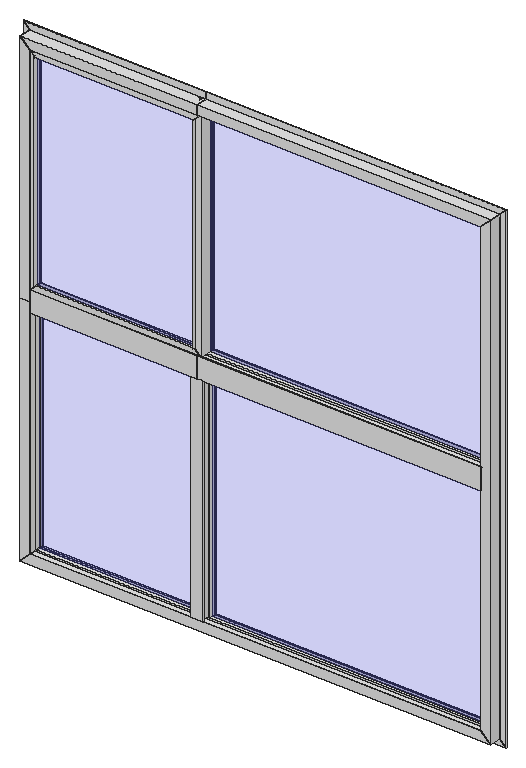
Revit family "531_OXAT_stucco-key", category Windows, host Wall, Revit 2016
Family settings
  Host = Wall
  OmniClass Number = 23.30.20.00
  OmniClass Title = Windows
  Always vertical = Yes
  Cut with Voids When Loaded = No
  Shared = No
  Room Calculation Point = No
Parameters (values of type "96x96Max")
  XW [instance] = 36"
  Vbs = 60"
  MLW2 = 1 / 8 * (Height - HBS)  # 6"
  MLW1 = 1 / 8 * Vbs  # 7 1/2"
  Interior Color [instance] = White
  Height = 96"
  HBS = 48"
  Exterior Color [instance] = White
  Default Sill Height = 31.49606"
  Wall Closure = By host
  Width = 96"
Reference planes (in)
  plane 1 "Center (Front/Back)": y = 0
  plane 2 "Center (Left/Right)": x = 0
  plane 3 "Left": x = -48
  plane 4 "Right": x = 48
  plane 5 "Sill": z = 31.49606
  plane 6 "Head": z = 127.49606
  plane 7 "Exterior": y = 3.93701
  plane 8 "Interior": y = -3.93701
  plane 9 "Front of wall": y = 3.93701
  plane 10 "Hbs": z = 79.49606
  plane 11 "Vbs": x = -12
  plane 12: z = 32.89506
  plane 13: z = 77.88606
  plane 14: z = 126.09606
  plane 15: z = 82.26906
  plane 16: x = -46.60043
  plane 17: x = 45.4786
  plane 18: x = -11.2499
  plane 19: x = 46.6001
  plane 20: x = -12.7501
  plane 21: z = 81.10506
  plane 22: x = -45.4786
  plane 23: x = -11.63193
  plane 24: x = -12.13096
  plane 25: z = 124.97106
  plane 26: x = -11.22369
  plane 27 "Front of glass": y = 4.55851
Forms (in)
  Extrusion 1, solid, material "White" <- "Interior Color"
    sketch origin (-12, 0, 0) x (0, 0, 1) y (0, -1, 0)
      loop
        line (33.39606, -1.50201) -> (31.49606, -1.50201) -> (31.49606, -3.93701) -> (30.24606, -3.93701) -> (30.24606, -4.00201) -> (31.49606, -4.00201) -> (31.49606, -4.93701) -> (31.29606, -4.93701) -> (31.29606, -5.00201) -> (32.77106, -5.00201) -> (32.77106, -4.96191) -> (33.33406, -4.96191) -> (33.33406, -4.59801) -> (33.35932, -4.55851) -> (32.89506, -4.55851) -> (32.89506, -3.81451) -> (33.39606, -3.81451) -> (33.39606, -3.20201) -> (33.05106, -3.20201) -> (33.05106, -1.70201) -> (33.39606, -1.70201) -> (33.39606, -1.50201)
    from 61.25 to -37.25
  Extrusion 2, solid, material "White" <- "Interior Color"
    sketch origin (0, 0, 31.49606) x (0, -1, 0) y (1, 0, 0)
      loop
        line (-1.50201, -48) -> (-1.50201, -46.1) -> (-1.70201, -46.1) -> (-1.70201, -46.445) -> (-3.20201, -46.445) -> (-3.20201, -46.1001) -> (-3.81451, -46.1001) -> (-3.81451, -46.60043) -> (-4.55851, -46.60043) -> (-4.55851, -46.13685) -> (-4.59801, -46.1621) -> (-4.96191, -46.1621) -> (-4.96191, -46.725) -> (-5.00201, -46.725) -> (-5.00201, -48.2) -> (-4.93701, -48.2) -> (-4.93701, -48) -> (-4.00201, -48) -> (-4.00201, -49.25) -> (-3.93701, -49.25) -> (-3.93701, -48) -> (-1.50201, -48)
    from -1.25 to 48
  Extrusion 3, solid, material "White" <- "Interior Color"
    sketch origin (0, 0, 31.49606) x (0, -1, 0) y (1, 0, 0)
      loop
        line (-1.50201, -13.2501) -> (-1.50201, -10.7499) -> (-1.70201, -10.7499) -> (-1.70201, -11.0949) -> (-3.20201, -11.0949) -> (-3.20201, -10.7499) -> (-3.81451, -10.7499) -> (-3.81451, -11.2499) -> (-4.55851, -11.2499) -> (-4.55851, -10.78664) -> (-4.59801, -10.8119) -> (-4.96191, -10.8119) -> (-4.96191, -11.3749) -> (-5.00201, -11.3749) -> (-5.00201, -12.6251) -> (-4.96191, -12.6251) -> (-4.96191, -13.1881) -> (-4.59523, -13.1881) -> (-4.55851, -13.21336) -> (-4.55851, -12.7501) -> (-3.81451, -12.7501) -> (-3.81451, -13.2501) -> (-3.20201, -13.2501) -> (-3.20201, -12.905) -> (-1.70201, -12.905) -> (-1.70201, -13.2501) -> (-1.50201, -13.2501)
    from 0 to 48
  Extrusion 4, solid, material "White" <- "Interior Color"
    sketch origin (0, 0, 31.49606) x (0, -1, 0) y (1, 0, 0)
      loop
        line (-1.50201, 46.1) -> (-1.50201, 48) -> (-3.93701, 48) -> (-3.93701, 49.25) -> (-4.00201, 49.25) -> (-4.00201, 48) -> (-4.93701, 48) -> (-4.93701, 48.2) -> (-5.00201, 48.2) -> (-5.00201, 46.725) -> (-4.96191, 46.725) -> (-4.96191, 46.1621) -> (-4.59801, 46.1621) -> (-4.55851, 46.13685) -> (-4.55851, 46.6001) -> (-3.81451, 46.6001) -> (-3.81451, 46.1001) -> (-3.20201, 46.1001) -> (-3.20201, 46.4451) -> (-1.70201, 46.4451) -> (-1.70201, 46.1) -> (-1.50201, 46.1)
    from -1.25 to 97.25
  Sweep 5, void
    path in 3D
      loop
        line (46.28475, 7.75614, 79.49606) -> (46.28475, 3.93701, 79.49606)
    profile origin (46.28475, 5.84657, 79.49606) x (1, 0, 0) y (0, 0, 1)
      loop
        line (0.44025, 1.485) -> (-1.85785, 3.7831) -> (-1.85785, -3.7831) -> (0.44025, -1.485) -> (0.44025, 1.485)
  Sweep 6, void
    path in 3D
      loop
        line (-13.44422, 7.52813, 79.49606) -> (-13.44422, 3.93701, 79.49606)
    profile origin (-13.44422, 5.73257, 79.49606) x (1, 0, 0) y (0, 0, 1)
      loop
        line (-0.28951, 3.00021) -> (-0.28951, -2.59362) -> (0.81911, -1.485) -> (1.44422, -1.485) -> (1.44422, 1.485) -> (1.2257, 1.485) -> (-0.28951, 3.00021)
  Sweep 7, void
    path in 3D
      loop
        line (-45.28676, 7.49986, 79.49606) -> (-45.28676, 3.93701, 79.49606)
    profile origin (-45.28676, 5.71843, 79.49606) x (1, 0, 0) y (0, 0, 1)
      loop
        line (-1.43824, 1.485) -> (-1.43824, -1.485) -> (-0.50238, -2.42087) -> (-0.50238, 2.42087) -> (-0.81324, 2.11) -> (-0.81324, 1.485) -> (-1.43824, 1.485)
  Sweep 8, void
    path in 3D
      loop
        line (-44.88253, 7.34396, 31.49606) -> (-44.88253, 3.93701, 31.49606)
    profile origin (-44.88253, 5.64048, 31.49606) x (1, 0, 0) y (0, 0, 1)
      loop
        line (-4.91208, -1.7946) -> (-0.30161, -1.7946) -> (-0.30161, 2.81586) -> (-4.91208, -1.7946)
  Sweep 9, void
    path in 3D
      loop
        line (-44.88253, 7.34396, 31.49606) -> (-44.88253, 3.93701, 31.49606)
    profile origin (-44.88253, 5.64048, 31.49606) x (1, 0, 0) y (0, 0, 1)
      loop
        line (-4.90516, -1.78769) -> (-0.65516, 2.46231) -> (-4.90516, 2.46231) -> (-4.90516, -1.78769)
  Sweep 10, void
    path in 3D
      loop
        line (-10.8119, 7.52813, 31.49606) -> (-10.8119, 3.93701, 31.49606)
    profile origin (-10.8119, 5.73257, 31.49606) x (1, 0, 0) y (0, 0, 1)
      loop
        line (-2.5775, 2.03929) -> (-1.81321, 1.275) -> (-0.563, 1.275) -> (0.20129, 2.03929) -> (-2.5775, 2.03929)
  Sweep 11, void
    path in 3D
      loop
        line (-10.8119, 7.52813, 31.49606) -> (-10.8119, 3.93701, 31.49606)
    profile origin (-10.8119, 5.73257, 31.49606) x (1, 0, 0) y (0, 0, 1)
      loop
        line (-2.79385, 2.25565) -> (-2.79385, -0.51924) -> (0.30068, -0.51924) -> (0.30068, 2.13868) -> (-0.563, 1.275) -> (-1.81321, 1.275) -> (-2.79385, 2.25565)
  Sweep 12, void
    path in 3D
      loop
        line (46.89277, 7.75614, 31.49606) -> (46.89277, 3.93701, 31.49606)
    profile origin (46.89277, 5.84657, 31.49606) x (1, 0, 0) y (0, 0, 1)
      loop
        line (3.12078, -2.01356) -> (-1.53186, 2.63909) -> (-1.53186, -2.01356) -> (3.12078, -2.01356)
  Sweep 13, void
    path in 3D
      loop
        line (46.89277, 7.75614, 31.49606) -> (46.89277, 3.93701, 31.49606)
    profile origin (46.89277, 5.84657, 31.49606) x (1, 0, 0) y (0, 0, 1)
      loop
        line (2.75588, -1.64865) -> (2.75588, 2.35135) -> (-1.24412, 2.35135) -> (2.75588, -1.64865)
  Extrusion 14, void
    sketch origin (0, 3.93701, 0) x (1, 0, 0) y (0, 0, 1)
      loop
        line (-49.78769, 29.70837) -> (-45.34835, 34.14771) -> (-49.78769, 34.14771) -> (-49.78769, 29.70837)
    from 0 to 12
  Extrusion 15, void
    sketch origin (0, 3.93701, 0) x (1, 0, 0) y (0, 0, 1)
      loop
        line (-51.25, 28.24606) -> (-44.88253, 28.24606) -> (-44.88253, 34.61354) -> (-51.25, 28.24606)
    from 0 to 12
  Extrusion 16, void
    sketch origin (0, 3.93701, 0) x (1, 0, 0) y (0, 0, 1)
      loop
        line (-14.5639, 33.39606) -> (-14.5639, 30.39606) -> (-9.3139, 30.39606) -> (-9.3139, 33.39606) -> (-14.5639, 33.39606)
    from 0 to 12
  Extrusion 17, void
    sketch origin (0, 3.93701, 0) x (1, 0, 0) y (0, 0, 1)
      loop
        line (44.81231, 34.68375) -> (44.81231, 29.68375) -> (49.81231, 29.68375) -> (44.81231, 34.68375)
    from 0 to 12
  Extrusion 18, void
    sketch origin (0, 3.93701, 0) x (1, 0, 0) y (0, 0, 1)
      loop
        line (45.20876, 34.28731) -> (49.45876, 30.03731) -> (49.45876, 34.28731) -> (45.20876, 34.28731)
    from 0 to 12
  Extrusion 19, void
    sketch origin (0, 3.93701, 0) x (1, 0, 0) y (0, 0, 1)
      loop
        line (-11.34348, 82.76906) -> (-13.62514, 80.86244) -> (-13.62514, 77.38606) -> (-9.13523, 77.38606) -> (-9.13523, 82.76906) -> (-11.34348, 82.76906)
    from 0 to 12
  Sweep 20, void
    path in 3D
      loop
        line (-13.44422, 7.52813, 79.49606) -> (-13.44422, 3.93701, 79.49606)
    profile origin (-13.44422, 5.73257, 79.49606) x (1, 0, 0) y (0, 0, 1)
      loop
        line (2.06932, -1.485) -> (3.18366, -2.59934) -> (3.18366, 0.15066) -> (1.25274, 0.15066) -> (1.25274, -1.485) -> (2.06932, -1.485)
  Extrusion 21, void
    sketch origin (0, 3.93701, 0) x (1, 0, 0) y (0, 0, 1)
      loop
        line (44.58479, 83.16187) -> (44.58479, 77.38606) -> (46.1, 77.38606) -> (46.1, 81.60606) -> (46.1406, 81.60606) -> (44.58479, 83.16187)
    from 0 to 12
  Extrusion 22, solid, material "Glass"
    sketch origin (-12, 0, 0) x (0, 0, 1) y (0, -1, 0)
      loop
        line (77.88606, -4.55851) -> (77.88606, -3.81451) -> (32.89506, -3.81451) -> (32.89506, -4.55851) -> (77.88606, -4.55851)
    from -0.7501 to -34.60043
  Extrusion 23, solid, material "Glass"
    sketch origin (-12, 0, 0) x (0, 0, 1) y (0, -1, 0)
      loop
        line (77.88606, -4.55851) -> (77.88606, -3.81451) -> (32.89506, -3.81451) -> (32.89506, -4.55851) -> (77.88606, -4.55851)
    from 0.7501 to 58.6001
  Extrusion 24, solid, material "White" <- "Interior Color"
    sketch origin (6, 0, 0) x (0, 0, 1) y (0, 1, 0)
      loop
        line (81.60606, 1.50201) -> (81.60606, 1.70201) -> (81.23106, 1.70201) -> (81.23106, 3.20201) -> (81.60606, 3.20201) -> (81.60606, 3.81451) -> (81.10506, 3.81451) -> (81.10506, 4.55851) -> (81.56932, 4.55851) -> (81.54406, 4.59801) -> (81.54406, 4.96191) -> (80.98106, 4.96191) -> (80.98106, 5.00201) -> (78.01106, 5.00201) -> (78.01106, 4.96191) -> (77.44806, 4.96191) -> (77.44806, 4.59801) -> (77.42281, 4.55851) -> (77.88606, 4.55851) -> (77.88606, 3.81451) -> (77.38606, 3.81451) -> (77.38606, 3.20201) -> (77.73675, 3.20201) -> (77.73675, 1.70201) -> (77.38606, 1.70201) -> (77.38606, 1.50201) -> (81.60606, 1.50201)
    from 18 to -42
  Extrusion 25, solid, material "White" <- "Interior Color"
    sketch origin (6, 0, 0) x (0, 0, 1) y (0, 1, 0)
      loop
        line (81.60606, 1.50201) -> (81.60606, 1.70201) -> (82.76906, 1.70201) -> (82.76906, 1.94451) -> (82.26906, 1.94451) -> (82.26906, 2.68851) -> (82.73232, 2.68851) -> (82.70706, 2.72801) -> (82.70706, 3.10201) -> (81.60606, 3.10201) -> (81.60606, 3.75201) -> (80.98106, 3.75201) -> (80.98106, 5.00201) -> (78.01106, 5.00201) -> (78.01106, 4.96191) -> (77.44806, 4.96191) -> (77.44806, 4.59801) -> (77.42281, 4.55851) -> (77.88606, 4.55851) -> (77.88606, 3.81451) -> (77.38606, 3.81451) -> (77.38606, 3.20201) -> (77.73115, 3.20201) -> (77.73115, 1.70201) -> (77.38606, 1.70201) -> (77.38606, 1.50201) -> (81.60606, 1.50201)
    from 17.22369 to 54
  Extrusion 26, solid, material "White" <- "Interior Color"
    sketch origin (12, 0, 61.49606) x (1, 0, 0) y (0, 1, 0)
      loop
        line (-23.13096, 1.70204) -> (-23.13096, 3.81454) -> (-23.63193, 3.81454) -> (-23.63193, 4.55854) -> (-23.16767, 4.55854) -> (-23.19293, 4.59804) -> (-23.19293, 4.96193) -> (-23.71818, 4.96193) -> (-23.75596, 4.97206) -> (-24.75596, 4.97206) -> (-24.75596, 4.35201) -> (-25.17092, 4.35201) -> (-25.17092, 4.25198) -> (-24.75592, 4.25198) -> (-24.75592, 3.75199) -> (-25.17089, 3.75199) -> (-25.17089, 3.65199) -> (-24.75588, 3.65199) -> (-24.75588, 3.20201) -> (-24.56896, 3.20201) -> (-24.56896, 2.72804) -> (-24.59422, 2.68854) -> (-24.13096, 2.68854) -> (-24.13096, 1.94454) -> (-24.63096, 1.94454) -> (-24.63096, 1.25659) -> (-24.56096, 1.32659) -> (-24.56096, 1.70204) -> (-23.13096, 1.70204)
    from 18 to 66
  Extrusion 27, solid, material "White" <- "Interior Color"
    sketch origin (-12, 0, 79.49606) x (-1, 0, 0) y (0, -1, 0)
      loop
        line (36, -1.50201) -> (34.1, -1.50201) -> (34.1, -1.70201) -> (33.0476, -1.70201) -> (33.0476, -1.32656) -> (32.9776, -1.26451) -> (32.9776, -1.94451) -> (33.4786, -1.94451) -> (33.4786, -2.68851) -> (33.01435, -2.68851) -> (33.0396, -2.72801) -> (33.0396, -3.10201) -> (34.1, -3.10201) -> (34.1, -3.75201) -> (34.85, -3.75201) -> (34.85, -4.25201) -> (34.72562, -4.25201) -> (34.72562, -5.00201) -> (36.2, -5.00201) -> (36.2, -4.93701) -> (36, -4.93701) -> (36, -4.00201) -> (37.25, -4.00201) -> (37.25, -3.93701) -> (36, -3.93701) -> (36, -1.50201)
    from 0 to 49.25
  Extrusion 28, solid, material "Glass"
    sketch origin (6, 0, 0) x (0, 0, 1) y (0, 1, 0)
      loop
        line (81.10506, 4.55851) -> (81.10506, 3.81451) -> (126.09606, 3.81451) -> (126.09606, 4.55851) -> (81.10506, 4.55851)
    from 17.63193 to -40.6001
  Extrusion 29, solid, material "White" <- "Interior Color"
    sketch origin (6, 0, 0) x (0, 0, 1) y (0, 1, 0)
      loop
        line (127.49606, 1.50201) -> (127.49606, 3.93701) -> (128.74606, 3.93701) -> (128.74606, 4.00201) -> (127.49606, 4.00201) -> (127.49606, 4.93701) -> (127.69606, 4.93701) -> (127.69606, 5.00201) -> (126.22106, 5.00201) -> (126.22106, 4.96191) -> (125.65806, 4.96191) -> (125.65806, 4.59801) -> (125.63281, 4.55851) -> (126.09606, 4.55851) -> (126.09606, 3.81451) -> (125.59606, 3.81451) -> (125.59606, 3.20201) -> (126.47106, 3.20201) -> (126.47106, 1.70201) -> (125.59606, 1.70201) -> (125.59606, 1.50201) -> (127.49606, 1.50201)
    from 18 to -43.25
  Extrusion 30, solid, material "White" <- "Interior Color"
    sketch origin (6, 0, 0) x (0, 0, 1) y (0, 1, 0)
      loop
        line (125.59606, 1.50201) -> (127.49606, 1.50201) -> (127.49606, 3.93701) -> (128.74606, 3.93701) -> (128.74606, 4.00201) -> (127.49606, 4.00201) -> (127.49606, 4.93701) -> (127.69606, 4.93701) -> (127.69606, 5.00201) -> (126.22106, 5.00201) -> (126.22106, 3.75201) -> (125.59606, 3.75201) -> (125.59606, 3.10201) -> (124.53306, 3.10201) -> (124.53306, 2.72801) -> (124.50781, 2.68851) -> (124.97106, 2.68851) -> (124.97106, 1.94451) -> (124.47106, 1.94451) -> (124.47106, 1.70201) -> (125.59606, 1.70201) -> (125.59606, 1.50201)
    from 17.22369 to 55.25
  Sweep 31, void
    path in 3D
      loop
        line (-13.44422, 7.52813, 79.49606) -> (-13.44422, 3.93701, 79.49606)
    profile origin (-13.44422, 5.73257, 79.49606) x (1, 0, 0) y (0, 0, 1)
      loop
        line (2.43829, 2.235) -> (1.68829, 1.485) -> (2.43829, 1.485) -> (2.43829, 2.235)
  Extrusion 32, void
    sketch origin (0, 3.93701, 0) x (1, 0, 0) y (0, 0, 1)
      loop
        line (-12.63096, 82.76906) -> (-12.63096, 78.85606) -> (-10.21796, 78.85606) -> (-10.21796, 81.60606) -> (-11.46796, 81.60606) -> (-12.63096, 82.76906)
    from 0 to 12
  Extrusion 33, void
    sketch origin (0, 3.93701, 0) x (1, 0, 0) y (0, 0, 1)
      loop
        line (-12.63096, 124.47106) -> (-11.50596, 125.59606) -> (-10.85527, 125.59606) -> (-10.85527, 127.84606) -> (-12.63096, 127.84606) -> (-12.63096, 124.47106)
    from 0 to 12
  Sweep 34, void
    path in 3D
      loop
        line (-13.44422, 7.52813, 79.49606) -> (-13.44422, 3.93701, 79.49606)
    profile origin (-13.44422, 5.73257, 79.49606) x (1, 0, 0) y (0, 0, 1)
      loop
        line (-0.05589, -2.36) -> (2.94432, -2.36) -> (2.06932, -1.485) -> (0.81911, -1.485) -> (-0.05589, -2.36)
  Sweep 35, void
    path in 3D
      loop
        line (-13.44422, 7.52813, 79.49606) -> (-13.44422, 3.93701, 79.49606)
    profile origin (-13.44422, 5.73257, 79.49606) x (1, 0, 0) y (0, 0, 1)
      loop
        line (3.12257, -2.53825) -> (3.12257, 2.91931) -> (1.68825, 1.485) -> (1.44422, 1.485) -> (1.44422, -1.485) -> (2.06932, -1.485) -> (3.12257, -2.53825)
  Sweep 36, void
    path in 3D
      loop
        line (-13.44422, 7.52813, 79.49606) -> (-13.44422, 3.93701, 79.49606)
    profile origin (-13.44422, 5.73257, 79.49606) x (1, 0, 0) y (0, 0, 1)
      loop
        line (1.68825, 1.485) -> (2.46231, 2.25905) -> (1.28039, 2.25905) -> (1.28039, 1.485) -> (1.68825, 1.485)
  Sweep 37, void
    path in 3D
      loop
        line (-13.72484, 7.65285, 127.49606) -> (-13.72484, 3.93701, 127.49606)
    profile origin (-13.72484, 5.79493, 127.49606) x (1, 0, 0) y (0, 0, 1)
      loop
        line (2.75058, -2.05675) -> (2.75058, 1.475) -> (1.72484, 1.475) -> (1.72484, -1.275) -> (1.96884, -1.275) -> (2.75058, -2.05675)
  Sweep 38, void
    path in 3D
      loop
        line (-13.72484, 7.65285, 127.49606) -> (-13.72484, 3.93701, 127.49606)
    profile origin (-13.72484, 5.79493, 127.49606) x (1, 0, 0) y (0, 0, 1)
      loop
        line (2.89355, -2.19971) -> (1.96884, -1.275) -> (1.56313, -1.275) -> (1.56313, -2.19971) -> (2.89355, -2.19971)
  Sweep 39, void
    path in 3D
      loop
        line (45.98854, 7.86527, 127.49606) -> (45.98854, 3.93701, 127.49606)
    profile origin (45.98854, 5.90114, 127.49606) x (1, 0, 0) y (0, 0, 1)
      loop
        line (-0.58806, -2.59962) -> (3.73731, -2.59962) -> (3.73731, 1.72575) -> (-0.58806, -2.59962)
  Sweep 40, void
    path in 3D
      loop
        line (45.98854, 7.86527, 127.49606) -> (45.98854, 3.93701, 127.49606)
    profile origin (45.98854, 5.90114, 127.49606) x (1, 0, 0) y (0, 0, 1)
      loop
        line (3.62248, 1.61091) -> (-0.62752, 1.61091) -> (-0.62752, -2.63909) -> (3.62248, 1.61091)
  Sweep 41, void
    path in 3D
      loop
        line (46.28475, 7.75614, 79.49606) -> (46.28475, 3.93701, 79.49606)
    profile origin (46.28475, 5.84657, 79.49606) x (1, 0, 0) y (0, 0, 1)
      loop
        line (-0.38255, 2.30789) -> (0.44025, 1.4851) -> (0.44025, -1.485) -> (-0.26686, -2.19211) -> (3.48314, -2.19211) -> (3.48314, 2.30789) -> (-0.38255, 2.30789)
  Sweep 42, void
    path in 3D
      loop
        line (-45.78676, 7.49986, 127.49606) -> (-45.78676, 3.93701, 127.49606)
    profile origin (-45.78676, 5.71843, 127.49606) x (1, 0, 0) y (0, 0, 1)
      loop
        line (-3.83672, 1.62348) -> (1.66328, -3.87652) -> (1.66328, 1.62348) -> (-3.83672, 1.62348)
  Sweep 43, void
    path in 3D
      loop
        line (-45.78676, 7.49986, 127.49606) -> (-45.78676, 3.93701, 127.49606)
    profile origin (-45.78676, 5.71843, 127.49606) x (1, 0, 0) y (0, 0, 1)
      loop
        line (-3.9247, 1.71146) -> (-3.9247, -3.78854) -> (1.5753, -3.78854) -> (-3.9247, 1.71146)
  Sweep 44, void
    path in 3D
      loop
        line (-45.28676, 7.49986, 79.49606) -> (-45.28676, 3.93701, 79.49606)
    profile origin (-45.28676, 5.71843, 79.49606) x (1, 0, 0) y (0, 0, 1)
      loop
        line (-0.69745, -2.22579) -> (-1.43824, -1.485) -> (-1.43824, 1.485) -> (-0.81324, 1.485) -> (-0.81324, 2.11) -> (0.60097, 3.52421) -> (-4.49626, 3.52421) -> (-4.49626, -2.22579) -> (-0.69745, -2.22579)
  Extrusion 45, void
    sketch origin (0, 3.93701, 0) x (1, 0, 0) y (0, 0, 1)
      loop
        line (-50.49016, 129.98622) -> (-50.49016, 122.72309) -> (-43.22703, 122.72309) -> (-50.49016, 129.98622)
    from 0 to 12
  Extrusion 46, void
    sketch origin (0, 3.93701, 0) x (1, 0, 0) y (0, 0, 1)
      loop
        line (-49.30025, 128.79632) -> (-43.05025, 122.54632) -> (-43.05025, 128.79632) -> (-49.30025, 128.79632)
    from 0 to 12
  Extrusion 47, void
    sketch origin (0, 3.93701, 0) x (1, 0, 0) y (0, 0, 1)
      loop
        line (49.96447, 129.46053) -> (44.64124, 124.13731) -> (49.96447, 124.13731) -> (49.96447, 129.46053)
    from 0 to 12
  Extrusion 48, void
    sketch origin (0, 3.93701, 0) x (1, 0, 0) y (0, 0, 1)
      loop
        line (49.89135, 129.38731) -> (44.46447, 129.38731) -> (44.46447, 123.96043) -> (49.89135, 129.38731)
    from 0 to 12
  Extrusion 49, void
    sketch origin (0, 3.93701, 0) x (1, 0, 0) y (0, 0, 1)
      loop
        line (46.1, 84.0958) -> (46.1, 75.5958) -> (49.35, 75.5958) -> (49.35, 84.0958) -> (46.1, 84.0958)
    from 0 to 12
  Extrusion 50, void
    sketch origin (0, 3.93701, 0) x (1, 0, 0) y (0, 0, 1)
      loop
        line (-46.1, 81.60606) -> (-46.1, 78.94196) -> (-44.68579, 78.94196) -> (-44.68579, 83.02028) -> (-46.1, 81.60606)
    from 0 to 12
  Extrusion 51, void
    sketch origin (0, 3.93701, 0) x (1, 0, 0) y (0, 0, 1)
      loop
        line (-46.1, 81.60606) -> (-44.6, 83.10606) -> (-49.1, 83.10606) -> (-49.1, 77.10606) -> (-46.1, 77.10606) -> (-46.1, 81.60606)
    from 0 to 12
  Extrusion 52, solid, material "Glass"
    sketch origin (-12, 0, 0) x (0, 0, 1) y (0, -1, 0)
      loop
        line (124.97106, -2.68851) -> (124.97106, -1.94454) -> (82.26906, -1.94454) -> (82.26906, -2.68851) -> (124.97106, -2.68851)
    from -0.13096 to -33.4786
  Extrusion 53, void
    sketch origin (0, 3.93701, 0) x (1, 0, 0) y (0, 0, 1)
      loop
        line (-12.63096, 82.76906) -> (-11.46796, 81.60606) -> (-12, 81.60606) -> (-12, 77.38606) -> (-11.22369, 77.38606) -> (-11.22369, 82.76906) -> (-12.63096, 82.76906)
    from 0 to 12
  Extrusion 54, void
    sketch origin (0, 3.93701, 0) x (1, 0, 0) y (0, 0, 1)
      loop
        line (-12.63096, 124.47106) -> (-11.22369, 124.47106) -> (-11.22369, 127.49606) -> (-12, 127.49606) -> (-12, 125.59606) -> (-11.50596, 125.59606) -> (-12.63096, 124.47106)
    from 0 to 12
Cuts and joins
  Sweep 5, Sweep 12, Extrusion 17, Extrusion 21, Sweep 40, Extrusion 48 cuts Extrusion 4
  Sweep 6, Sweep 11, Extrusion 16, Extrusion 19, Sweep 20, Sweep 35, Extrusion 53 cuts Extrusion 3
  Sweep 7, Sweep 8, Extrusion 15, Extrusion 50 cuts Extrusion 2
  Sweep 9, Sweep 10, Sweep 13, Extrusion 14, Extrusion 18 cuts Extrusion 1
  Sweep 31, Extrusion 32, Extrusion 33, Sweep 35, Sweep 37 cuts Extrusion 26
  Sweep 34, Sweep 35, Sweep 36, Sweep 44, Extrusion 51, Extrusion 53 cuts Extrusion 25
  Extrusion 32, Extrusion 33, Extrusion 49, Extrusion 53, Extrusion 54 cuts Extrusion 28
  Sweep 37, Sweep 38, Sweep 43, Extrusion 45, Extrusion 54 cuts Extrusion 30
  Sweep 34, Sweep 36, Sweep 41, Extrusion 49 cuts Extrusion 24
  Sweep 38, Sweep 39, Extrusion 47 cuts Extrusion 29
  Sweep 7, Sweep 42, Extrusion 46, Extrusion 50 cuts Extrusion 27
  Extrusion 49, Extrusion 53 cuts Extrusion 23
  Extrusion 51 cuts Extrusion 22
  Extrusion 53, Extrusion 54 cuts Extrusion 52
Lines and regions (in)
  Opening 1
    outline origin (137.79528, -3.93701, 0) x (1, 0, 0) y (0, 0, 1)
      loop
        line (-89.79528, 31.49606) -> (-89.79528, 127.49606) -> (-185.79528, 127.49606) -> (-185.79528, 31.49606) -> (-89.79528, 31.49606)
  reference lines
    curve 1: line (-45.78676, 7.49986, 127.49606) -> (-45.78676, 3.93701, 127.49606)
    curve 2: line (-45.28676, 7.49986, 79.49606) -> (-45.28676, 3.93701, 79.49606)
    curve 3: line (-44.88253, 7.34396, 31.49606) -> (-44.88253, 3.93701, 31.49606)
    curve 4: line (-13.72484, 7.65285, 127.49606) -> (-13.72484, 3.93701, 127.49606)
    curve 5: line (-13.44422, 7.52813, 79.49606) -> (-13.44422, 3.93701, 79.49606)
    curve 6: line (-10.8119, 7.52813, 31.49606) -> (-10.8119, 3.93701, 31.49606)
    curve 7: line (45.98854, 7.86527, 127.49606) -> (45.98854, 3.93701, 127.49606)
    curve 8: line (46.28475, 7.75614, 79.49606) -> (46.28475, 3.93701, 79.49606)
    curve 9: line (46.89277, 7.75614, 31.49606) -> (46.89277, 3.93701, 31.49606)
    curve 35: line (20.5, 4.93055, 105.99606) -> (15.5, 4.93055, 105.99606)
    curve 36: line (20.5, 4.93055, 100.99606) -> (20.5, 4.93055, 105.99606)
    curve 37: line (15.5, 4.93055, 100.99606) -> (20.5, 4.93055, 100.99606)
    curve 38: line (15.5, 4.93055, 105.99606) -> (15.5, 4.93055, 100.99606)
    curve 42: line (18, 4.93055, 100.99606) -> (18, 4.93055, 107.49606)
    curve 43: line (20.5, 4.93055, 103.49606) -> (13, 4.93055, 103.49606)
    curve 44: line (-27.5, 4.93055, 57.99606) -> (-32.5, 4.93055, 57.99606)
    curve 45: line (-27.5, 4.93055, 52.99606) -> (-27.5, 4.93055, 57.99606)
    curve 46: line (-32.5, 4.93055, 52.99606) -> (-27.5, 4.93055, 52.99606)
    curve 47: line (-32.5, 4.93055, 57.99606) -> (-32.5, 4.93055, 52.99606)
    curve 51: line (-30, 4.93055, 52.99606) -> (-30, 4.93055, 59.49606)
    curve 52: line (-27.5, 4.93055, 55.49606) -> (-35, 4.93055, 55.49606)
    curve 53: line (20.5, 4.93055, 57.99606) -> (15.5, 4.93055, 57.99606)
    curve 54: line (20.5, 4.93055, 52.99606) -> (20.5, 4.93055, 57.99606)
    curve 55: line (15.5, 4.93055, 52.99606) -> (20.5, 4.93055, 52.99606)
    curve 56: line (15.5, 4.93055, 57.99606) -> (15.5, 4.93055, 52.99606)
    curve 60: line (18, 4.93055, 52.99606) -> (18, 4.93055, 59.49606)
    curve 61: line (20.5, 4.93055, 55.49606) -> (13, 4.93055, 55.49606)
    curve 65: line (20.5, 0, 105.99606) -> (15.5, 0, 105.99606)
    curve 66: line (20.5, 0, 100.99606) -> (20.5, 0, 105.99606)
    curve 67: line (15.5, 0, 100.99606) -> (20.5, 0, 100.99606)
    curve 68: line (15.5, 0, 105.99606) -> (15.5, 0, 100.99606)
    curve 69: line (18, 0, 100.99606) -> (18, 0, 108.49606)
    curve 70: line (20.5, 0, 103.49606) -> (13.5, 0, 103.49606)
    curve 74: line (20.5, 0, 57.99606) -> (15.5, 0, 57.99606)
    curve 75: line (20.5, 0, 52.99606) -> (20.5, 0, 57.99606)
    curve 76: line (15.5, 0, 52.99606) -> (20.5, 0, 52.99606)
    curve 77: line (15.5, 0, 57.99606) -> (15.5, 0, 52.99606)
    curve 78: line (18, 0, 52.99606) -> (18, 0, 60.49606)
    curve 79: line (20.5, 0, 55.49606) -> (13.5, 0, 55.49606)
    curve 83: line (-27.5, 0, 57.99606) -> (-32.5, 0, 57.99606)
    curve 84: line (-27.5, 0, 52.99606) -> (-27.5, 0, 57.99606)
    curve 85: line (-32.5, 0, 52.99606) -> (-27.5, 0, 52.99606)
    curve 86: line (-32.5, 0, 57.99606) -> (-32.5, 0, 52.99606)
    curve 87: line (-30, 0, 52.99606) -> (-30, 0, 60.49606)
    curve 88: line (-27.5, 0, 55.49606) -> (-34.5, 0, 55.49606)
  sketch lines
    curve 10: line (46.28475, 7.75614, 79.49606) -> (46.28475, 3.93701, 79.49606)
    curve 11: line (-13.44422, 7.52813, 79.49606) -> (-13.44422, 3.93701, 79.49606)
    curve 12: line (-45.28676, 7.49986, 79.49606) -> (-45.28676, 3.93701, 79.49606)
    curve 13: line (-44.88253, 7.34396, 31.49606) -> (-44.88253, 3.93701, 31.49606)
    curve 14: line (-44.88253, 7.34396, 31.49606) -> (-44.88253, 3.93701, 31.49606)
    curve 15: line (-10.8119, 7.52813, 31.49606) -> (-10.8119, 3.93701, 31.49606)
    curve 16: line (-10.8119, 7.52813, 31.49606) -> (-10.8119, 3.93701, 31.49606)
    curve 17: line (46.89277, 7.75614, 31.49606) -> (46.89277, 3.93701, 31.49606)
    curve 18: line (46.89277, 7.75614, 31.49606) -> (46.89277, 3.93701, 31.49606)
    curve 19: line (-13.44422, 7.52813, 79.49606) -> (-13.44422, 3.93701, 79.49606)
    curve 20: line (-13.44422, 7.52813, 79.49606) -> (-13.44422, 3.93701, 79.49606)
    curve 21: line (-13.44422, 7.52813, 79.49606) -> (-13.44422, 3.93701, 79.49606)
    curve 22: line (-13.44422, 7.52813, 79.49606) -> (-13.44422, 3.93701, 79.49606)
    curve 23: line (-13.44422, 7.52813, 79.49606) -> (-13.44422, 3.93701, 79.49606)
    curve 24: line (-13.72484, 7.65285, 127.49606) -> (-13.72484, 3.93701, 127.49606)
    curve 25: line (-13.72484, 7.65285, 127.49606) -> (-13.72484, 3.93701, 127.49606)
    curve 26: line (45.98854, 7.86527, 127.49606) -> (45.98854, 3.93701, 127.49606)
    curve 27: line (45.98854, 7.86527, 127.49606) -> (45.98854, 3.93701, 127.49606)
    curve 28: line (46.28475, 7.75614, 79.49606) -> (46.28475, 3.93701, 79.49606)
    curve 29: line (-45.78676, 7.49986, 127.49606) -> (-45.78676, 3.93701, 127.49606)
    curve 30: line (-45.78676, 7.49986, 127.49606) -> (-45.78676, 3.93701, 127.49606)
    curve 31: line (-45.28676, 7.49986, 79.49606) -> (-45.28676, 3.93701, 79.49606)
  model lines
    curve 32: line (-44.79331, 3.93701, 103.49606) -> (-13.72484, 3.93701, 103.49606)
    curve 33: line (-13.72484, 3.93701, 103.49606) -> (-19.02814, 3.93701, 108.79936)
    curve 34: line (-13.72484, 3.93701, 103.49606) -> (-19.02814, 3.93701, 98.19276)
    curve 39: line (20.5, 4.93055, 105.99606) -> (15.5, 4.93055, 100.99606)
    curve 40: line (15.5, 4.93055, 103.49606) -> (18, 4.93055, 105.99606)
    curve 41: line (18, 4.93055, 100.99606) -> (20.5, 4.93055, 103.49606)
    curve 48: line (-27.5, 4.93055, 57.99606) -> (-32.5, 4.93055, 52.99606)
    curve 49: line (-32.5, 4.93055, 55.49606) -> (-30, 4.93055, 57.99606)
    curve 50: line (-30, 4.93055, 52.99606) -> (-27.5, 4.93055, 55.49606)
    curve 57: line (20.5, 4.93055, 57.99606) -> (15.5, 4.93055, 52.99606)
    curve 58: line (15.5, 4.93055, 55.49606) -> (18, 4.93055, 57.99606)
    curve 59: line (18, 4.93055, 52.99606) -> (20.5, 4.93055, 55.49606)
  symbolic lines
    curve 62: line (-13.72484, 3.93701, 103.49606) -> (-44.79331, 3.93701, 103.49606)
    curve 63: line (-19.02814, 3.93701, 108.79936) -> (-13.72484, 3.93701, 103.49606)
    curve 64: line (-19.02814, 3.93701, 98.19276) -> (-13.72484, 3.93701, 103.49606)
    curve 71: line (18, 0, 100.99606) -> (20.5, 0, 103.49606)
    curve 72: line (18, 0, 105.99606) -> (15.5, 0, 103.49606)
    curve 73: line (15.5, 0, 100.99606) -> (20.5, 0, 105.99606)
    curve 80: line (18, 0, 52.99606) -> (20.5, 0, 55.49606)
    curve 81: line (18, 0, 57.99606) -> (15.5, 0, 55.49606)
    curve 82: line (15.5, 0, 52.99606) -> (20.5, 0, 57.99606)
    curve 89: line (-30, 0, 52.99606) -> (-27.5, 0, 55.49606)
    curve 90: line (-30, 0, 57.99606) -> (-32.5, 0, 55.49606)
    curve 91: line (-32.5, 0, 52.99606) -> (-27.5, 0, 57.99606)
Text (in)
  text "EXTERIOR" at (-77.29147, 52.45485, 0), in view "Ref. Level"
  text "INTERIOR" at (-78.01048, -32.21994, 0), in view "Ref. Level"
  text "Exterior" at (0, 36.36817, 115.8778), in view "Right"
  text "Exterior" at (0, 40.96394, 105.72475), in view "Left"
Dimensions and locks (in)
  equal spacing: plane 3 "Left", plane 2 "Center (Left/Right)", plane 4 "Right"
  "Width": plane 3 "Left" to plane 4 "Right"
  "Height": plane 5 "Sill" to plane 6 "Head"
  "Default Sill Height": plane 5 "Sill" to level
  locked: plane 7 "Exterior" to host wall at 0
  locked: plane 8 "Interior" to host wall
  "Vbs": plane 11 "Vbs" to plane 4 "Right"
  locked: plane 14 to plane 6 "Head" at 1.4
  locked: plane 10 "Hbs" to plane 13 at 1.61
  locked: plane 5 "Sill" to plane 12 at 1.399
  locked: plane 9 "Front of wall" to Extrusion 1 sketch curve at 2.435
  locked: Extrusion 1 sketch curve to Extrusion 1 sketch curve at 1.9
  locked: Extrusion 1 sketch curve to plane 5 "Sill" at 1.25
  locked: plane 15 to plane 10 "Hbs" at 2.773
  locked: plane 17 to plane 4 "Right" at 2.5214
  locked: plane 3 "Left" to plane 16 at 1.39957
  locked: plane 11 "Vbs" to plane 18 at 0.7501
  locked: plane 19 to plane 4 "Right" at 1.3999
  locked: Extrusion 2 sketch curve to plane 3 "Left" at 1.25
  locked: Extrusion 2 sketch curve to plane 9 "Front of wall" at 2.435
  locked: Extrusion 2 sketch curve to Extrusion 2 sketch curve at 1.9
  locked: plane 11 "Vbs" to Extrusion 3 sketch curve at 0.6251
  locked: Extrusion 3 sketch curve to plane 11 "Vbs" at 0.6251
  locked: plane 11 "Vbs" to Extrusion 3 sketch curve at 1.2501
  locked: Extrusion 3 sketch curve to plane 11 "Vbs" at 1.2501
  locked: plane 20 to plane 11 "Vbs" at 0.7501
  locked: plane 4 "Right" to Extrusion 4 sketch curve at 1.25
  locked: Extrusion 4 sketch curve to plane 9 "Front of wall" at 2.435
  locked: Extrusion 4 sketch curve to Extrusion 4 sketch curve at 1.9
  locked: plane 21 to plane 10 "Hbs" at 1.609
  locked: Extrusion 26 sketch curve to Extrusion 26 sketch curve at 1.43
  locked: Extrusion 29 sketch curve to Extrusion 29 sketch curve at 1.9
  locked: Extrusion 30 sketch curve to Extrusion 30 sketch curve at 1.9
  locked: plane 3 "Left" to plane 22 at 2.5214
  locked: Extrusion 26 sketch curve to plane 9 "Front of wall" at 2.23497
  locked: plane 24 to plane 11 "Vbs" at 0.13096
  locked: plane 11 "Vbs" to plane 23 at 0.36807
  locked: Extrusion 24 sketch curve to plane 10 "Hbs" at 2.11
  locked: plane 10 "Hbs" to Extrusion 24 sketch curve at 2.11
  locked: Extrusion 24 sketch curve to plane 10 "Hbs" at 1.485
  locked: plane 10 "Hbs" to Extrusion 24 sketch curve at 1.485
  locked: Extrusion 25 sketch curve to plane 10 "Hbs" at 2.11
  locked: plane 10 "Hbs" to Extrusion 25 sketch curve at 2.11
  locked: Extrusion 25 sketch curve to plane 10 "Hbs" at 1.485
  locked: plane 10 "Hbs" to Extrusion 25 sketch curve at 1.485
  locked: plane 6 "Head" to Extrusion 29 sketch curve at 1.25
  locked: plane 9 "Front of wall" to Extrusion 29 sketch curve at 2.435
  locked: plane 25 to plane 6 "Head" at 2.525
  locked: plane 6 "Head" to Extrusion 30 sketch curve at 1.25
  locked: plane 9 "Front of wall" to Extrusion 30 sketch curve at 2.435
  locked: plane 11 "Vbs" to plane 26 at 0.77631
  locked: cut or joined group of Extrusion 2, Sweep 7, Sweep 8, Extrusion 15, Extrusion 50 to plane 3 "Left" at 1.25
  equal spacing: plane 10 "Hbs", curve 32, plane 6 "Head"
  locked: plane 27 "Front of glass" to plane 9 "Front of wall" at 0.6215
  "HBS": plane 10 "Hbs" to plane 6 "Head"
  "MLW1": curve 34 to curve 33
  "MLW1": curve 34 to curve 34
  locked: plane 3 "Left" to curve 32 at 3.20669
  locked: plane 11 "Vbs" to curve 34 at 1.72484
  equal spacing: curve 40, curve 39, curve 41
  locked: curve 36 to curve 38 at 5
  locked: curve 37 to curve 35 at 5
  equal spacing: curve 38, curve 42, curve 36
  equal spacing: curve 37, curve 43, curve 35
  equal spacing: curve 49, curve 48, curve 50
  locked: curve 45 to curve 47 at 5
  locked: curve 46 to curve 44 at 5
  equal spacing: curve 47, curve 51, curve 45
  equal spacing: curve 46, curve 52, curve 44
  equal spacing: curve 58, curve 57, curve 59
  locked: curve 54 to curve 56 at 5
  locked: curve 55 to curve 53 at 5
  equal spacing: curve 56, curve 60, curve 54
  equal spacing: curve 55, curve 61, curve 53
  equal spacing: plane 11 "Vbs", curve 42, plane 4 "Right"
  equal spacing: plane 10 "Hbs", curve 43, plane 6 "Head"
  equal spacing: plane 11 "Vbs", curve 60, plane 4 "Right"
  equal spacing: plane 5 "Sill", curve 61, plane 10 "Hbs"
  equal spacing: plane 3 "Left", curve 51, plane 11 "Vbs"
  equal spacing: plane 5 "Sill", curve 52, plane 10 "Hbs"
  "MLW1": curve 64 to curve 64
  "MLW1": curve 64 to curve 63
  locked: curve 66 to curve 68 at 5
  locked: curve 67 to curve 65 at 5
  equal spacing: curve 68, curve 69, curve 66
  equal spacing: curve 67, curve 70, curve 65
  locked: curve 68 to curve 72 at 2.5
  locked: curve 68 to curve 71 at 2.5
  locked: curve 71 to curve 67 at 2.5
  locked: curve 72 to curve 67 at 2.5
  locked: curve 66 to curve 73 at 5
  locked: curve 75 to curve 77 at 5
  locked: curve 76 to curve 74 at 5
  equal spacing: curve 77, curve 78, curve 75
  equal spacing: curve 76, curve 79, curve 74
  locked: curve 77 to curve 81 at 2.5
  locked: curve 77 to curve 80 at 2.5
  locked: curve 80 to curve 76 at 2.5
  locked: curve 81 to curve 76 at 2.5
  locked: curve 75 to curve 82 at 5
  locked: curve 84 to curve 86 at 5
  locked: curve 85 to curve 83 at 5
  equal spacing: curve 86, curve 87, curve 84
  equal spacing: curve 85, curve 88, curve 83
  locked: curve 86 to curve 90 at 2.5
  locked: curve 86 to curve 89 at 2.5
  locked: curve 89 to curve 85 at 2.5
  locked: curve 90 to curve 85 at 2.5
  locked: curve 84 to curve 91 at 5
  equal spacing: plane 4 "Right", curve 78, plane 11 "Vbs"
  equal spacing: plane 10 "Hbs", curve 79, plane 5 "Sill"
  equal spacing: plane 10 "Hbs", curve 88, plane 5 "Sill"
  equal spacing: plane 11 "Vbs", curve 87, plane 3 "Left"
  equal spacing: plane 6 "Head", curve 70, plane 10 "Hbs"
  equal spacing: plane 11 "Vbs", curve 69, plane 4 "Right"
  "XW": plane 11 "Vbs" to plane 3 "Left"
  locked: curve 32 to curve 33 (angle 45.00°)
  locked: curve 34 to curve 32 (angle 45.00°)
  aligned and locked: plane 9 "Front of wall" to host wall
  aligned and locked: Extrusion 1 sketch curve to plane 5 "Sill"  (x2)
  aligned and locked: Extrusion 1 sketch curve to plane 9 "Front of wall"
  aligned and locked: plane 12 to Extrusion 1 sketch curve
  aligned and locked: Extrusion 2 sketch curve to plane 9 "Front of wall"
  aligned and locked: Extrusion 2 sketch curve to plane 3 "Left"  (x2)
  aligned and locked: plane 16 to Extrusion 2 sketch curve
  aligned and locked: Extrusion 3 sketch curve to plane 18
  aligned and locked: plane 20 to Extrusion 3 sketch curve
  aligned and locked: plane 9 "Front of wall" to Extrusion 4 sketch curve
  aligned and locked: Extrusion 4 sketch curve to plane 4 "Right"  (x2)
  aligned and locked: plane 19 to Extrusion 4 sketch curve
  aligned and locked: Extrusion 4 to Extrusion 1  (x2)
  aligned and locked: plane 5 "Sill" to Extrusion 3
  aligned and locked: Extrusion 1 to Extrusion 2
  aligned and locked: Extrusion 2 to Extrusion 1
  aligned and locked: plane 10 "Hbs" to Extrusion 3
  aligned and locked: Extrusion 2 to plane 10 "Hbs"
  aligned and locked: plane 9 "Front of wall" to curve 9
  aligned and locked: plane 9 "Front of wall" to curve 8
  aligned and locked: plane 9 "Front of wall" to curve 7
  aligned and locked: plane 9 "Front of wall" to curve 6
  aligned and locked: plane 9 "Front of wall" to curve 5
  aligned and locked: plane 9 "Front of wall" to curve 4
  aligned and locked: plane 9 "Front of wall" to curve 3
  aligned and locked: plane 9 "Front of wall" to curve 2
  aligned and locked: plane 9 "Front of wall" to curve 1
  aligned and locked: plane 13 to Extrusion 22 sketch curve
  aligned and locked: Extrusion 22 sketch curve to plane 12
  aligned and locked: plane 13 to Extrusion 23 sketch curve
  aligned and locked: Extrusion 23 sketch curve to plane 12
  aligned and locked: plane 16 to Extrusion 22
  aligned and locked: Extrusion 22 to plane 20
  aligned and locked: plane 18 to Extrusion 23
  aligned and locked: Extrusion 23 to plane 19
  aligned and locked: Extrusion 27 sketch curve to plane 3 "Left"  (x2)
  aligned and locked: plane 22 to Extrusion 27 sketch curve
  aligned and locked: Extrusion 26 sketch curve to plane 24
  aligned and locked: plane 23 to Extrusion 26 sketch curve
  aligned and locked: Extrusion 28 to plane 23
  aligned and locked: plane 21 to Extrusion 28 sketch curve
  aligned and locked: plane 21 to Extrusion 24 sketch curve
  aligned and locked: Extrusion 24 sketch curve to plane 13
  aligned and locked: plane 15 to Extrusion 25 sketch curve
  aligned and locked: Extrusion 25 sketch curve to plane 13
  aligned and locked: Extrusion 28 sketch curve to plane 14
  aligned and locked: plane 14 to Extrusion 29 sketch curve
  aligned and locked: Extrusion 29 sketch curve to plane 6 "Head"  (x2)
  aligned and locked: plane 9 "Front of wall" to Extrusion 29 sketch curve
  aligned and locked: plane 25 to Extrusion 30 sketch curve
  aligned and locked: Extrusion 30 sketch curve to plane 6 "Head"  (x2)
  aligned and locked: plane 9 "Front of wall" to Extrusion 30 sketch curve
  aligned and locked: Extrusion 30 to Extrusion 27
  aligned and locked: Extrusion 27 to plane 10 "Hbs"
  aligned and locked: plane 3 "Left" to Extrusion 25
  aligned and locked: Extrusion 26 to plane 10 "Hbs"
  aligned and locked: Extrusion 26 to plane 6 "Head"
  aligned and locked: Extrusion 24 to plane 4 "Right"
  aligned and locked: Extrusion 28 to plane 19
  aligned and locked: cut or joined group of Extrusion 25, Sweep 34, Sweep 35, Sweep 36, Sweep 44, Extrusion 51, Extrusion 53 to plane 26
  aligned and locked: plane 26 to Extrusion 30
  aligned and locked: cut or joined group of Extrusion 29, Sweep 38, Sweep 39, Extrusion 47 to cut or joined group of Extrusion 4, Sweep 5, Sweep 12, Extrusion 17, Extrusion 21, Sweep 40, Extrusion 48
  aligned and locked: cut or joined group of Extrusion 4, Sweep 5, Sweep 12, Extrusion 17, Extrusion 21, Sweep 40, Extrusion 48 to cut or joined group of Extrusion 29, Sweep 38, Sweep 39, Extrusion 47
  aligned and locked: cut or joined group of Extrusion 2, Sweep 7, Sweep 8, Extrusion 15, Extrusion 50 to cut or joined group of Extrusion 30, Sweep 37, Sweep 38, Sweep 43, Extrusion 45, Extrusion 54
  aligned and locked: plane 25 to Extrusion 52 sketch curve
  aligned and locked: Extrusion 52 sketch curve to plane 15
  aligned and locked: Extrusion 52 sketch curve to cut or joined group of Extrusion 26, Sweep 31, Extrusion 32, Extrusion 33, Sweep 35, Sweep 37
  aligned and locked: plane 22 to Extrusion 52
  aligned and locked: plane 24 to Extrusion 52
  aligned and locked: cut or joined group of Extrusion 29, Sweep 38, Sweep 39, Extrusion 47 to plane 11 "Vbs"
  aligned and locked: cut or joined group of Extrusion 24, Sweep 34, Sweep 36, Sweep 41, Extrusion 49 to plane 11 "Vbs"
  aligned and locked: Extrusion 53 sketch curve to cut or joined group of Extrusion 24, Sweep 34, Sweep 36, Sweep 41, Extrusion 49
  aligned and locked: plane 11 "Vbs" to Extrusion 54 sketch curve
  aligned and locked: curve 35 to curve 38
  aligned and locked: curve 38 to curve 38
  aligned and locked: curve 36 to curve 36
  aligned and locked: curve 38 to curve 39
  aligned and locked: curve 39 to curve 35
  aligned and locked: curve 35 to curve 40
  aligned and locked: curve 38 to curve 40
  aligned and locked: curve 37 to curve 41
  aligned and locked: curve 36 to curve 41
  aligned and locked: curve 44 to curve 47
  aligned and locked: curve 47 to curve 47
  aligned and locked: curve 45 to curve 45
  aligned and locked: curve 47 to curve 48
  aligned and locked: curve 48 to curve 44
  aligned and locked: curve 44 to curve 49
  aligned and locked: curve 47 to curve 49
  aligned and locked: curve 46 to curve 50
  aligned and locked: curve 45 to curve 50
  aligned and locked: curve 53 to curve 56
  aligned and locked: curve 56 to curve 56
  aligned and locked: curve 54 to curve 54
  aligned and locked: curve 56 to curve 57
  aligned and locked: curve 57 to curve 53
  aligned and locked: curve 53 to curve 58
  aligned and locked: curve 56 to curve 58
  aligned and locked: curve 55 to curve 59
  aligned and locked: curve 54 to curve 59
  aligned and locked: curve 62 to curve 32
  aligned and locked: curve 64 to curve 34
  aligned and locked: curve 65 to curve 68
  aligned and locked: curve 68 to curve 68
  aligned and locked: curve 66 to curve 66
  aligned and locked: curve 68 to curve 72
  aligned and locked: curve 67 to curve 71
  aligned and locked: curve 66 to curve 71
  aligned and locked: curve 65 to curve 72
  aligned and locked: curve 66 to curve 73
  aligned and locked: curve 73 to curve 67
  aligned and locked: curve 74 to curve 77
  aligned and locked: curve 77 to curve 77
  aligned and locked: curve 75 to curve 75
  aligned and locked: curve 77 to curve 81
  aligned and locked: curve 76 to curve 80
  aligned and locked: curve 75 to curve 80
  aligned and locked: curve 74 to curve 81
  aligned and locked: curve 75 to curve 82
  aligned and locked: curve 82 to curve 76
  aligned and locked: curve 83 to curve 86
  aligned and locked: curve 86 to curve 86
  aligned and locked: curve 84 to curve 84
  aligned and locked: curve 86 to curve 90
  aligned and locked: curve 85 to curve 89
  aligned and locked: curve 84 to curve 89
  aligned and locked: curve 83 to curve 90
  aligned and locked: curve 84 to curve 91
  aligned and locked: curve 91 to curve 85
Automatic sketch dimensions
  curve 3 to plane 16 = 1.71791"
  host wall to curve 3 = 3.40695"
  curve 6 to plane 18 = 0.438"
  host wall to curve 6 = 3.59112"
  curve 9 to plane 19 = 0.29267"
  host wall to curve 9 = 3.81913"
  curve 1 to plane 16 = 0.81367"
  host wall to curve 1 = 3.56285"
  host wall to curve 4 = 3.71584"
  curve 7 to plane 17 = 0.50994"
  host wall to curve 7 = 3.92826"
  plane 19 to curve 8 = 0.31535"
  curve 2 to plane 16 = 1.31367"
  host wall to curve 2 = 3.56285"
  host wall to curve 5 = 3.59112"
  host wall to curve 8 = 3.81913"
  profile plane to Sweep 5 sketch curve = 1.85785"
  Sweep 5 sketch curve to profile plane = 3.7831"
  Sweep 5 sketch curve to profile plane = 1.485"
  Sweep 5 sketch curve to Sweep 5 sketch curve = 2.2981"
  profile plane to Sweep 6 sketch curve = 0.28951"
  Sweep 6 sketch curve to profile plane = 0.81911"
  Sweep 6 sketch curve to profile plane = 1.2257"
  Sweep 6 sketch curve to Sweep 6 sketch curve = 0.6251"
  Sweep 6 sketch curve to profile plane = 2.59362"
  Sweep 6 sketch curve to profile plane = 1.485"
  profile plane to Sweep 6 sketch curve = 1.485"
  Sweep 6 sketch curve to Sweep 6 sketch curve = 1.51521"
  Sweep 8 sketch curve to profile plane = 1.7946"
  profile plane to Sweep 8 sketch curve = 4.91208"
  profile plane to Sweep 8 sketch curve = 0.30161"
  profile plane to Sweep 8 sketch curve = 2.81586"
  Sweep 9 sketch curve to profile plane = 1.78769"
  profile plane to Sweep 9 sketch curve = 4.90516"
  profile plane to Sweep 9 sketch curve = 0.65516"
  profile plane to Sweep 9 sketch curve = 2.46231"
  profile plane to Sweep 10 sketch curve = 2.5775"
  Sweep 10 sketch curve to Sweep 10 sketch curve = 0.76429"  (x2)
  profile plane to Sweep 10 sketch curve = 0.563"
  Sweep 10 sketch curve to profile plane = 0.20129"
  profile plane to Sweep 10 sketch curve = 1.275"
  profile plane to Sweep 11 sketch curve = 2.79385"
  Sweep 11 sketch curve to Sweep 11 sketch curve = 0.98065"  (x2)
  profile plane to Sweep 11 sketch curve = 0.563"
  Sweep 11 sketch curve to profile plane = 0.30068"
  Sweep 11 sketch curve to profile plane = 0.51924"
  profile plane to Sweep 11 sketch curve = 1.275"
  Sweep 11 sketch curve to Sweep 11 sketch curve = 0.86368"
  profile plane to Sweep 12 sketch curve = 1.53186"
  Sweep 12 sketch curve to profile plane = 3.12078"
  Sweep 12 sketch curve to profile plane = 2.01356"
  profile plane to Sweep 12 sketch curve = 2.63909"
  profile plane to Sweep 13 sketch curve = 1.24412"
  Sweep 13 sketch curve to profile plane = 2.75588"
  Sweep 13 sketch curve to profile plane = 1.64865"
  profile plane to Sweep 13 sketch curve = 2.35135"
  Sweep 20 sketch curve to profile plane = 1.25274"
  Sweep 20 sketch curve to Sweep 20 sketch curve = 0.81657"
  Sweep 20 sketch curve to Sweep 20 sketch curve = 1.11434"
  Sweep 20 sketch curve to profile plane = 2.59934"
  Sweep 20 sketch curve to profile plane = 1.485"
  profile plane to Sweep 20 sketch curve = 0.15066"
  Extrusion 23 sketch curve to Extrusion 23 sketch curve = 0.744"
  plane 13 to Extrusion 24 sketch curve = 0.14932"
  plane 13 to Extrusion 24 sketch curve = 0.438"
  Extrusion 24 sketch curve to Extrusion 24 sketch curve = 0.02526"  (x2)
  Extrusion 24 sketch curve to host wall = 0.1225"
  plane 13 to Extrusion 24 sketch curve = 1/2"
  Extrusion 24 sketch curve to plane 21 = 0.126"
  Extrusion 24 sketch curve to plane 21 = 0.439"
  Extrusion 24 sketch curve to Extrusion 24 sketch curve = 0.6125"  (x2)
  Extrusion 24 sketch curve to Extrusion 24 sketch curve = 1 1/2"  (x2)
  Extrusion 24 sketch curve to Extrusion 24 sketch curve = 0.2"
  Extrusion 24 sketch curve to Extrusion 24 sketch curve = 0.0395"  (x2)
  Extrusion 24 sketch curve to Extrusion 24 sketch curve = 0.36391"
  Extrusion 24 sketch curve to Extrusion 24 sketch curve = 0.40341"
  Extrusion 24 sketch curve to Extrusion 24 sketch curve = 0.04009"
  plane 13 to Extrusion 25 sketch curve = 0.15491"
  plane 13 to Extrusion 25 sketch curve = 0.438"
  Extrusion 25 sketch curve to Extrusion 25 sketch curve = 0.02526"  (x2)
  Extrusion 25 sketch curve to Extrusion 25 sketch curve = 0.34509"
  Extrusion 25 sketch curve to host wall = 0.185"
  Extrusion 25 sketch curve to plane 21 = 0.501"
  Extrusion 25 sketch curve to plane 15 = 0.438"
  Extrusion 25 sketch curve to plane 15 = 1/2"
  Extrusion 25 sketch curve to host wall = 0.735"
  Extrusion 25 sketch curve to Extrusion 25 sketch curve = 0.65"
  Extrusion 25 sketch curve to Extrusion 25 sketch curve = 0.374"
  Extrusion 25 sketch curve to Extrusion 25 sketch curve = 0.0395"  (x2)
  Extrusion 25 sketch curve to Extrusion 25 sketch curve = 1 1/2"
  Extrusion 25 sketch curve to Extrusion 25 sketch curve = 0.2"
  Extrusion 25 sketch curve to host wall = 0.1225"
  Extrusion 25 sketch curve to Extrusion 25 sketch curve = 0.36391"
  host wall to Extrusion 25 sketch curve = 1.065"
  Extrusion 28 sketch curve to host wall = 0.1225"
  plane 20 to curve 4 = 0.97474"
  plane 20 to curve 5 = 0.69411"
  Sweep 31 sketch curve to profile plane = 1.68829"
  profile plane to Sweep 31 sketch curve = 1.485"
  Sweep 31 sketch curve to Sweep 31 sketch curve = 3/4"  (x2)
  profile plane to Sweep 34 sketch curve = 0.05589"
  Sweep 34 sketch curve to profile plane = 0.81911"
  Sweep 34 sketch curve to Sweep 34 sketch curve = 1.25021"
  Sweep 34 sketch curve to Sweep 34 sketch curve = 7/8"  (x2)
  Sweep 34 sketch curve to profile plane = 2.36"
  Sweep 35 sketch curve to profile plane = 1.44422"
  Sweep 35 sketch curve to Sweep 35 sketch curve = 0.24404"
  Sweep 35 sketch curve to Sweep 35 sketch curve = 0.6251"
  Sweep 35 sketch curve to profile plane = 1.485"
  profile plane to Sweep 35 sketch curve = 1.485"
  Sweep 35 sketch curve to Sweep 35 sketch curve = 1.43431"
  Sweep 35 sketch curve to Sweep 35 sketch curve = 1.05325"  (x2)
  Sweep 36 sketch curve to profile plane = 1.28039"
  Sweep 36 sketch curve to Sweep 36 sketch curve = 1.18192"
  profile plane to Sweep 36 sketch curve = 2.25905"
  Sweep 36 sketch curve to Sweep 36 sketch curve = 0.40787"
  Sweep 36 sketch curve to Sweep 36 sketch curve = 0.77405"
  Sweep 37 sketch curve to profile plane = 1.72484"
  Sweep 37 sketch curve to Sweep 37 sketch curve = 0.244"
  Sweep 37 sketch curve to Sweep 37 sketch curve = 0.78175"
  Sweep 37 sketch curve to profile plane = 2.05675"
  Sweep 37 sketch curve to profile plane = 1.275"
  profile plane to Sweep 37 sketch curve = 1.475"
  Sweep 38 sketch curve to profile plane = 1.56313"
  Sweep 38 sketch curve to Sweep 38 sketch curve = 0.40571"
  Sweep 38 sketch curve to profile plane = 1.275"
  Sweep 38 sketch curve to Sweep 38 sketch curve = 1.33043"
  Sweep 38 sketch curve to Sweep 38 sketch curve = 0.92471"
  profile plane to Sweep 39 sketch curve = 1.72575"
  Sweep 39 sketch curve to profile plane = 3.73731"
  profile plane to Sweep 39 sketch curve = 0.58806"
  Sweep 39 sketch curve to profile plane = 2.59962"
  profile plane to Sweep 40 sketch curve = 0.62752"
  Sweep 40 sketch curve to profile plane = 2.63909"
  Sweep 40 sketch curve to profile plane = 3.62248"
  profile plane to Sweep 40 sketch curve = 1.61091"
  profile plane to Sweep 41 sketch curve = 0.26686"
  Sweep 41 sketch curve to profile plane = 0.44025"
  Sweep 41 sketch curve to Sweep 41 sketch curve = 3.04289"
  Sweep 41 sketch curve to profile plane = 2.19211"
  Sweep 41 sketch curve to Sweep 41 sketch curve = 0.70711"
  profile plane to Sweep 41 sketch curve = 1.4851"
  profile plane to Sweep 41 sketch curve = 0.38255"
  Sweep 41 sketch curve to Sweep 41 sketch curve = 0.82279"
  Sweep 5 sketch curve to profile plane = 0.44025"
  profile plane to Sweep 5 sketch curve = 3.7831"
  Sweep 42 sketch curve to profile plane = 1.66328"
  Sweep 42 sketch curve to profile plane = 3.87652"
  profile plane to Sweep 42 sketch curve = 3.83672"
  profile plane to Sweep 42 sketch curve = 1.62348"
  Sweep 43 sketch curve to profile plane = 1.5753"
  Sweep 43 sketch curve to profile plane = 3.78854"
  profile plane to Sweep 43 sketch curve = 1.71146"
  profile plane to Sweep 43 sketch curve = 3.9247"
  profile plane to Sweep 7 sketch curve = 1.43824"
  Sweep 7 sketch curve to Sweep 7 sketch curve = 5/8"  (x2)
  profile plane to Sweep 7 sketch curve = 0.50238"
  Sweep 7 sketch curve to profile plane = 2.42087"
  Sweep 7 sketch curve to Sweep 7 sketch curve = 0.93587"
  profile plane to Sweep 7 sketch curve = 1.485"
  Sweep 7 sketch curve to Sweep 7 sketch curve = 0.31087"
  profile plane to Sweep 44 sketch curve = 4.49626"
  profile plane to Sweep 44 sketch curve = 1.43824"
  Sweep 44 sketch curve to Sweep 44 sketch curve = 5/8"  (x2)
  Sweep 44 sketch curve to profile plane = 0.60097"
  Sweep 44 sketch curve to profile plane = 1.485"
  profile plane to Sweep 44 sketch curve = 1.485"
  profile plane to Sweep 44 sketch curve = 3.52421"
  Sweep 44 sketch curve to Sweep 44 sketch curve = 0.74079"  (x2)
  plane 3 "Left" to Opening 1 sketch curve = 0"
  plane 4 "Right" to Opening 1 sketch curve = 0"
  Opening 1 sketch curve to plane 5 "Sill" = 0"
  Opening 1 sketch curve to plane 6 "Head" = 0"
  Extrusion 1 sketch curve to plane 27 "Front of glass" = 0"
  plane 5 "Sill" to Extrusion 1 sketch curve = 0.2"
  plane 12 to Extrusion 1 sketch curve = 0.124"
  Extrusion 1 sketch curve to plane 12 = 0.156"
  Extrusion 1 sketch curve to plane 12 = 0.439"
  Extrusion 1 sketch curve to Extrusion 1 sketch curve = 0.02526"
  Extrusion 1 sketch curve to host wall = 0.1225"
  Extrusion 1 sketch curve to plane 27 "Front of glass" = 0.0395"
  Extrusion 1 sketch curve to plane 27 "Front of glass" = 0.3785"
  Extrusion 1 sketch curve to Extrusion 1 sketch curve = 0.36391"
  Extrusion 1 sketch curve to Extrusion 1 sketch curve = 0.04009"
  host wall to Extrusion 1 sketch curve = 0.065"
  Extrusion 1 sketch curve to Extrusion 1 sketch curve = 0.6125"
  Extrusion 1 sketch curve to Extrusion 1 sketch curve = 0.2"
  plane 27 "Front of glass" to Extrusion 2 sketch curve = 0"
  Extrusion 2 sketch curve to plane 27 "Front of glass" = 0.0395"
  Extrusion 2 sketch curve to plane 27 "Front of glass" = 0.3785"
  plane 16 to Extrusion 2 sketch curve = 0.12457"
  Extrusion 2 sketch curve to plane 27 "Front of glass" = 0.40341"
  Extrusion 2 sketch curve to Extrusion 2 sketch curve = 0.065"
  host wall to Extrusion 2 sketch curve = 0.065"
  Extrusion 2 sketch curve to Extrusion 2 sketch curve = 0.6125"
  Extrusion 2 sketch curve to Extrusion 2 sketch curve = 0.2"  (x2)
  Extrusion 2 sketch curve to plane 16 = 0.15543"
  Extrusion 2 sketch curve to plane 16 = 0.43833"
  Extrusion 2 sketch curve to Extrusion 2 sketch curve = 0.02526"
  Extrusion 2 sketch curve to plane 16 = 0.50033"
  plane 27 "Front of glass" to Extrusion 3 sketch curve = 0"  (x2)
  Extrusion 3 sketch curve to plane 27 "Front of glass" = 0.03672"
  Extrusion 3 sketch curve to plane 27 "Front of glass" = 0.0395"
  Extrusion 3 sketch curve to Extrusion 3 sketch curve = 0.36668"
  Extrusion 3 sketch curve to plane 27 "Front of glass" = 0.40341"
  Extrusion 3 sketch curve to Extrusion 3 sketch curve = 0.04009"
  Extrusion 3 sketch curve to host wall = 0.1225"  (x2)
  Extrusion 3 sketch curve to Extrusion 3 sketch curve = 0.6125"  (x2)
  Extrusion 3 sketch curve to Extrusion 3 sketch curve = 1 1/2"  (x2)
  Extrusion 3 sketch curve to plane 26 = 0.12879"
  Extrusion 3 sketch curve to Extrusion 3 sketch curve = 0.2"
  plane 20 to Extrusion 3 sketch curve = 1/2"
  Extrusion 3 sketch curve to Extrusion 3 sketch curve = 0.02526"  (x2)
  plane 20 to Extrusion 3 sketch curve = 0.1549"
  Extrusion 3 sketch curve to plane 26 = 0.41179"
  Extrusion 3 sketch curve to Extrusion 3 sketch curve = 0.345"
  plane 27 "Front of glass" to Extrusion 4 sketch curve = 0"
  Extrusion 4 sketch curve to plane 27 "Front of glass" = 0.0395"
  Extrusion 4 sketch curve to plane 27 "Front of glass" = 0.3785"
  Extrusion 4 sketch curve to Extrusion 4 sketch curve = 0.36391"
  Extrusion 4 sketch curve to Extrusion 4 sketch curve = 0.04009"
  host wall to Extrusion 4 sketch curve = 0.065"
  Extrusion 4 sketch curve to host wall = 0.1225"
  Extrusion 4 sketch curve to Extrusion 4 sketch curve = 0.6125"
